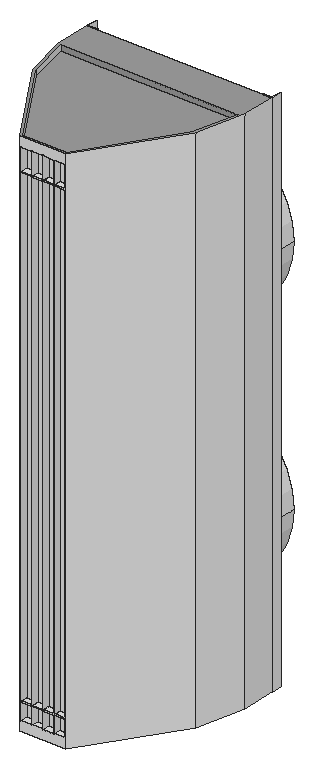
Revit family "Guard Pro 150C", category Wyposażenie mechaniczne, Revit 2018
Family settings
  Wymiar okrągłego złącza = Użyj średnicy
  Klasyfikacja = Brak
  Typ części = Normalny
  Oparty na płaszczyźnie roboczej = Nie
  Zawsze pionowo = Tak
  Tnij formami wycięć po wczytaniu = Nie
  Współdzielony = Nie
  Punkt obliczania pomieszczeń = Nie
Parameters (values of type "Guard Pro 150C")
  скорость воздушного потока [instance] = 0.0 m/s
  материал = Powder lak coated Steel
  двигатель потребление тока = 2.4 A
  Напряжение питания = 230 V
  Мощность электродвигателя = 500 W
  Масса = 37.00 kg
  Максимальный расход воздуха = 6800 m³/h
  Максимальная высота двери = 8 mm
  Класс защиты = "IP54"
  Длина завесы = 1500 mm
  Диаметры патрубков = "19.1"
  Opis = "Промышленная воздушно-тепловая завеса"
  вентилятор3 = no
  Высота вентилятора 2 = 1088 mm
  Высота вентилятора 1 = 412 mm
  Producent = "SONNIGER Polska Sp. z o.o. Sp. k."
  Model = "Guard Pro 150W"
  Autor = "www.archispace.pl"
Reference planes
  plane 1 "Środek (Przód/Tył)": y = 0
  plane 2: z = 0
  plane 3 "Środek (Lewa/Prawa)": x = 0
  plane 4 "wysokość": z = 1500
Forms (mm)
  Extrusion 1, solid, material "Powder lak coated Steel" <- "материал"
    sketch origin (0, 0, 0) x (1, 0, 0) y (0, 1, 0)
      loop
        line (-260, 0) -> (-260, -98) -> (-228.987, -228) -> (-64, -480) -> (64, -480) -> (228.987, -228) -> (260.988, -93.861) -> (260.988, 0) -> (-260, 0)
    from 0 to 1500
  Extrusion 2, void, detail levels fine
    sketch origin (-64, -480, 0) x (-1, 0, 0) y (0, 0, 1)
      loop
        line (-31.536, 1410.02) -> (-31.536, 75.02) -> (-1.411, 75.02) -> (-1.411, 1410.02) -> (-31.536, 1410.02)
      loop
        line (-33.036, 1410.02) -> (-63.161, 1410.02) -> (-63.161, 75.02) -> (-33.036, 75.02) -> (-33.036, 1410.02)
      loop
        line (-64.661, 75.02) -> (-64.661, 1410.02) -> (-94.786, 1410.02) -> (-94.786, 75.02) -> (-64.661, 75.02)
      loop
        line (-96.411, 1410.02) -> (-126.411, 1410.02) -> (-126.411, 75.02) -> (-96.411, 75.02) -> (-96.411, 1410.02)
      loop
        line (-96.411, 1411.52) -> (-96.411, 1474.42) -> (-126.411, 1474.42) -> (-126.411, 1411.52) -> (-96.411, 1411.52)
      loop
        line (-94.786, 1411.52) -> (-64.661, 1411.52) -> (-64.661, 1474.42) -> (-94.786, 1474.42) -> (-94.786, 1411.52)
      loop
        line (-63.161, 1411.52) -> (-33.036, 1411.52) -> (-33.036, 1474.42) -> (-63.161, 1474.42) -> (-63.161, 1411.52)
      loop
        line (-31.536, 1411.52) -> (-1.411, 1411.52) -> (-1.411, 1474.42) -> (-31.536, 1474.42) -> (-31.536, 1411.52)
      loop
        line (-1.411, 25.62) -> (-1.411, 73.52) -> (-31.536, 73.52) -> (-31.536, 25.62) -> (-1.411, 25.62)
      loop
        line (-33.036, 73.52) -> (-63.161, 73.52) -> (-63.161, 25.62) -> (-33.036, 25.62) -> (-33.036, 73.52)
      loop
        line (-64.661, 73.52) -> (-94.786, 73.52) -> (-94.786, 25.62) -> (-64.661, 25.62) -> (-64.661, 73.52)
      loop
        line (-96.286, 73.52) -> (-126.411, 73.52) -> (-126.411, 25.62) -> (-96.286, 25.62) -> (-96.286, 73.52)
    from 0 to 20
  Extrusion 3, solid, material "Powder lak coated Steel" <- "материал"
    sketch origin (-1359.541, 0, 0) x (1, 0, 0) y (0, 0, -1)
      loop
        circle (1360.528, -412) r 242
    from 0 to 98
  Extrusion 4, solid, material "Powder lak coated Steel" <- "материал"
    sketch origin (-1359.541, 0, 676) x (1, 0, 0) y (0, 0, -1)
      loop
        circle (1360.528, -412) r 242
    from 0 to 98
  Extrusion 5, solid, material "Powder lak coated Steel" <- "материал", detail levels coarse
    sketch origin (-1359.541, 98, 676) x (1, 0, 0) y (0, 0, -1)
      loop
        circle (1358.702, -412) r 40.77
    from 0 to 28.5
  Extrusion 6, solid, material "Powder lak coated Steel" <- "материал", detail levels coarse
    sketch origin (-1359.541, 98, 0) x (1, 0, 0) y (0, 0, -1)
      loop
        circle (1359.541, -412) r 41.364
    from 0 to 28.5
  Extrusion 7, solid, material "Powder lak coated Steel" <- "материал", detail levels medium+fine
    sketch origin (0, 0, 0) x (1, 0, 0) y (0, 1, 0)
      loop
        line (-257.512, 2.502) -> (-257.512, 30) -> (-259.012, 30) -> (-259.012, 2.5)
        arc (-259.012, 2.5) -> (-258.28, 0.732) -> (-256.512, 0) r 2.5
        line (-256.512, 0) -> (-231.985, 0) -> (-231.985, 1.5) -> (-256.512, 1.5)
        arc (-256.512, 1.5) -> (-257.22, 1.795) -> (-257.512, 2.502) r 1
      loop
        line (259.488, 30) -> (259.488, 2.5)
        arc (259.488, 2.5) -> (259.195, 1.793) -> (258.488, 1.5) r 1
        line (258.488, 1.5) -> (233.988, 1.5) -> (233.988, 0) -> (258.488, 0)
        arc (258.488, 0) -> (260.255, 0.735) -> (260.988, 2.503) r 2.5
        line (260.988, 2.503) -> (260.988, 30) -> (259.488, 30)
    from 0 to 1500
  Extrusion 8, void, detail levels medium+fine
    sketch origin (0, 0, 0) x (1, 0, 0) y (0, 1, 0)
      loop
        line (60.875, -473.318) -> (221.487, -228) -> (250.687, -105.6) -> (-250.687, -105.6) -> (-221.487, -228) -> (-60.875, -473.318) -> (60.875, -473.318)
    from 1485.666 to 2433.194
  Extrusion 9, void, detail levels medium+fine
    sketch origin (0, 0, 0) x (1, 0, 0) y (0, 1, 0)
      loop
        line (-221.487, -228) -> (-60.875, -473.318) -> (60.875, -473.318) -> (221.487, -228) -> (250.687, -105.6) -> (-250.687, -105.6) -> (-221.487, -228)
    from -69.313 to 11.43
  Extrusion 10, solid, detail levels medium+fine
    sketch origin (-1359.541, 98, 676) x (1, 0, 0) y (0, 0, -1)
      loop
        line (1345.504, 225.295) -> (1372.553, 225.295)
        arc (1372.553, 225.295) -> (1388.02, 235.009) -> (1397.733, 250.475) r 41
        line (1397.733, 250.475) -> (1397.733, 277.525)
        arc (1397.733, 277.525) -> (1388.02, 292.991) -> (1372.553, 302.705) r 41
        line (1372.553, 302.705) -> (1345.504, 302.705)
        arc (1345.504, 302.705) -> (1330.037, 292.991) -> (1320.323, 277.525) r 41
        line (1320.323, 277.525) -> (1320.323, 250.475)
        arc (1320.323, 250.475) -> (1330.037, 235.009) -> (1345.504, 225.295) r 41
    from 0 to 28.5
  Extrusion 11, solid, detail levels medium+fine
    sketch origin (-1359.541, 98, 1352.306) x (1, 0, 0) y (0, 0, -1)
      loop
        line (1345.504, 225.601) -> (1372.553, 225.601)
        arc (1372.553, 225.601) -> (1388.02, 235.314) -> (1397.733, 250.781) r 41
        line (1397.733, 250.781) -> (1397.733, 277.83)
        arc (1397.733, 277.83) -> (1388.02, 293.297) -> (1372.553, 303.011) r 41
        line (1372.553, 303.011) -> (1345.504, 303.011)
        arc (1345.504, 303.011) -> (1330.037, 293.297) -> (1320.323, 277.83) r 41
        line (1320.323, 277.83) -> (1320.323, 250.781)
        arc (1320.323, 250.781) -> (1330.037, 235.314) -> (1345.504, 225.601) r 41
    from 0 to 28.5
Cuts and joins
  Extrusion 2, Extrusion 8, Extrusion 9 cuts Extrusion 1
Lines and regions (mm)
  Split face 1
    outline origin (228.987, -228, 1500) x (0, 0, -1) y (0.23205, 0.972704, 0)
      loop
        line (32.508, 13.225) -> (268.508, 13.225) -> (268.508, 75.225) -> (32.508, 75.225) -> (32.508, 13.225)
Dimensions and locks
  "Длина завесы": plane 4 "wysokość" to level
  "Высота вентилятора 1": cut or joined group of Extrusion 1, Extrusion 2, Extrusion 8, Extrusion 9 to Extrusion 3 sketch curve
  "Высота вентилятора 2": cut or joined group of Extrusion 1, Extrusion 2, Extrusion 8, Extrusion 9 to Extrusion 4 sketch curve
  "Высота вентилятора 2": level to Extrusion 5 sketch curve
  "Высота вентилятора 1": cut or joined group of Extrusion 1, Extrusion 2, Extrusion 8, Extrusion 9 to Extrusion 6 sketch curve
  locked: cut or joined group of Extrusion 1, Extrusion 2, Extrusion 8, Extrusion 9 to plane 4 "wysokość" at 14.334
  "Высота вентилятора 1": level to Extrusion 10 sketch curve
  "Высота вентилятора 2": level to Extrusion 11 sketch curve
  locked: cut or joined group of Extrusion 1, Extrusion 2, Extrusion 8, Extrusion 9 to Split face 1 at 32.508
  aligned and locked: level to plane 2
  aligned and locked: plane 4 "wysokość" to Extrusion 1
  aligned and locked: Extrusion 6 to Extrusion 3
  aligned and locked: Extrusion 6 to Extrusion 5
  aligned and locked: plane 4 "wysokość" to Extrusion 7
  aligned and locked: Extrusion 10 to Extrusion 3
Automatic sketch dimensions
  plane 1 "Środek (Przód/Tył)" to Extrusion 1 sketch curve = 0 mm
  plane 1 "Środek (Przód/Tył)" to Extrusion 1 sketch curve = 98 mm
  Extrusion 1 sketch curve to plane 3 "Środek (Lewa/Prawa)" = 260 mm
  Extrusion 1 sketch curve to Extrusion 1 sketch curve = 31.013 mm
  Extrusion 1 sketch curve to plane 3 "Środek (Lewa/Prawa)" = 64 mm
  plane 3 "Środek (Lewa/Prawa)" to Extrusion 1 sketch curve = 64 mm
  plane 3 "Środek (Lewa/Prawa)" to Extrusion 1 sketch curve = 228.987 mm
  Extrusion 1 sketch curve to Extrusion 1 sketch curve = 32.001 mm
  Extrusion 1 sketch curve to Extrusion 1 sketch curve = 130 mm
  plane 1 "Środek (Przód/Tył)" to Extrusion 1 sketch curve = 228 mm
  Extrusion 1 sketch curve to Extrusion 1 sketch curve = 252 mm
  Extrusion 1 sketch curve to Extrusion 1 sketch curve = 93.861 mm
  Extrusion 1 to Extrusion 2 sketch curve = 1.589 mm  (x3)
  Extrusion 2 sketch curve to Extrusion 2 sketch curve = 30 mm
  Extrusion 2 sketch curve to Extrusion 2 sketch curve = 0 mm  (x13)
  Extrusion 2 sketch curve to Extrusion 2 sketch curve = 0.125 mm
  Extrusion 2 sketch curve to Extrusion 2 sketch curve = 1.625 mm  (x2)
  Extrusion 2 sketch curve to Extrusion 2 sketch curve = 1.5 mm  (x14)
  Extrusion 2 sketch curve to Extrusion 2 sketch curve = 30.125 mm  (x3)
  Extrusion 2 sketch curve to Extrusion 1 = 1.411 mm  (x3)
  Extrusion 2 sketch curve to Extrusion 1 = 25.62 mm  (x2)
  Extrusion 2 sketch curve to Extrusion 2 sketch curve = 47.9 mm
  Extrusion 2 sketch curve to Extrusion 1 = 89.98 mm  (x2)
  Extrusion 2 sketch curve to Extrusion 1 = 25.58 mm  (x3)
  plane 1 "Środek (Przód/Tył)" to Extrusion 7 sketch curve = 0 mm  (x2)
  Extrusion 7 sketch curve to plane 1 "Środek (Przód/Tył)" = 30 mm
  Extrusion 7 sketch curve to plane 3 "Środek (Lewa/Prawa)" = 259.012 mm
  Extrusion 7 sketch curve to Extrusion 7 sketch curve = 1.5 mm  (x3)
  Extrusion 7 sketch curve to Extrusion 7 sketch curve = 1 mm  (x3)
  Extrusion 7 sketch curve to Extrusion 7 sketch curve = 0 mm  (x10)
  Extrusion 7 sketch curve to plane 1 "Środek (Przód/Tył)" = 1.5 mm
  Extrusion 7 sketch curve to Extrusion 7 sketch curve = 24.528 mm
  plane 3 "Środek (Lewa/Prawa)" to Extrusion 7 sketch curve = 233.988 mm
  Extrusion 7 sketch curve to plane 1 "Środek (Przód/Tył)" = 2.503 mm
  Extrusion 7 sketch curve to Extrusion 7 sketch curve = 24.5 mm
  Extrusion 7 sketch curve to Extrusion 7 sketch curve = 0.003 mm
  Extrusion 7 sketch curve to Extrusion 7 sketch curve = 0.002 mm
  Extrusion 7 sketch curve to Extrusion 7 sketch curve = 27.5 mm
  plane 1 "Środek (Przód/Tył)" to Extrusion 8 sketch curve = 105.6 mm
  Extrusion 8 sketch curve to plane 3 "Środek (Lewa/Prawa)" = 250.687 mm
  Extrusion 8 sketch curve to Extrusion 8 sketch curve = 29.2 mm  (x2)
  Extrusion 8 sketch curve to plane 3 "Środek (Lewa/Prawa)" = 60.875 mm
  plane 3 "Środek (Lewa/Prawa)" to Extrusion 8 sketch curve = 60.875 mm
  plane 3 "Środek (Lewa/Prawa)" to Extrusion 8 sketch curve = 221.487 mm
  Extrusion 8 sketch curve to Extrusion 8 sketch curve = 122.4 mm  (x2)
  Extrusion 8 sketch curve to Extrusion 8 sketch curve = 245.318 mm
  plane 1 "Środek (Przód/Tył)" to Extrusion 9 sketch curve = 105.6 mm
  Extrusion 9 sketch curve to plane 3 "Środek (Lewa/Prawa)" = 250.687 mm
  Extrusion 9 sketch curve to Extrusion 9 sketch curve = 29.2 mm  (x2)
  Extrusion 9 sketch curve to plane 3 "Środek (Lewa/Prawa)" = 60.875 mm
  plane 3 "Środek (Lewa/Prawa)" to Extrusion 9 sketch curve = 60.875 mm
  plane 3 "Środek (Lewa/Prawa)" to Extrusion 9 sketch curve = 221.487 mm
  Extrusion 9 sketch curve to Extrusion 9 sketch curve = 122.4 mm  (x2)
  Extrusion 9 sketch curve to Extrusion 9 sketch curve = 245.318 mm
  Split face 1 sketch curve to cut or joined group of Extrusion 1, Extrusion 2, Extrusion 8, Extrusion 9 = 32.508 mm
  Split face 1 sketch curve to cut or joined group of Extrusion 1, Extrusion 2, Extrusion 8, Extrusion 9 = 62.679 mm
  Split face 1 sketch curve to Split face 1 sketch curve = 236 mm
  cut or joined group of Extrusion 1, Extrusion 2, Extrusion 8, Extrusion 9 to Split face 1 sketch curve = 13.225 mm
  Extrusion 3 sketch curve to Extrusion 1 = 260 mm
  Extrusion 4 sketch curve to Extrusion 1 = 260 mm
  Extrusion 10 sketch curve to Extrusion 10 sketch curve = 0 mm  (x6)
  Extrusion 10 sketch curve to plane 3 "Środek (Lewa/Prawa)" = 39.218 mm
  Extrusion 10 sketch curve to plane 3 "Środek (Lewa/Prawa)" = 14.037 mm  (x2)
  Extrusion 10 sketch curve to plane 3 "Środek (Lewa/Prawa)" = 0.512 mm
  plane 3 "Środek (Lewa/Prawa)" to Extrusion 10 sketch curve = 13.012 mm  (x2)
  Extrusion 10 sketch curve to Extrusion 10 sketch curve = 25.18 mm
  Extrusion 10 sketch curve to Extrusion 10 sketch curve = 13.525 mm
  Extrusion 10 sketch curve to Extrusion 10 sketch curve = 27.049 mm
  Extrusion 11 sketch curve to Extrusion 11 sketch curve = 0 mm  (x6)
  Extrusion 11 sketch curve to plane 3 "Środek (Lewa/Prawa)" = 39.218 mm
  Extrusion 11 sketch curve to plane 3 "Środek (Lewa/Prawa)" = 14.037 mm  (x2)
  Extrusion 11 sketch curve to plane 3 "Środek (Lewa/Prawa)" = 0.512 mm
  plane 3 "Środek (Lewa/Prawa)" to Extrusion 11 sketch curve = 13.012 mm  (x2)
  Extrusion 11 sketch curve to Extrusion 11 sketch curve = 25.18 mm
  Extrusion 11 sketch curve to Extrusion 11 sketch curve = 13.525 mm
  Extrusion 11 sketch curve to Extrusion 11 sketch curve = 27.049 mm
  radius of Extrusion 3 sketch curve = 242 mm
  radius of Extrusion 4 sketch curve = 242 mm
  radius of Extrusion 5 sketch curve = 40.77 mm
  radius of Extrusion 6 sketch curve = 41.364 mm
Connectors
  electrical at (0.494, 0, 750), driven by "Напряжение питания"
    settings: on cut or joined group of Extrusion 1, Extrusion 2, Extrusion 8, Extrusion 9, index 1, voltage 230 V, apparent load 0.0 kVA, apparent load phase1 0.5 kVA, apparent load phase2 0.0 kVA, apparent load phase3 0.0 kVA, power factor 1, load classification "Moc", number of poles 1, system type 31, power factor state 1, is connector primary yes, connector utility no, sub classification motor no, connector description ""
